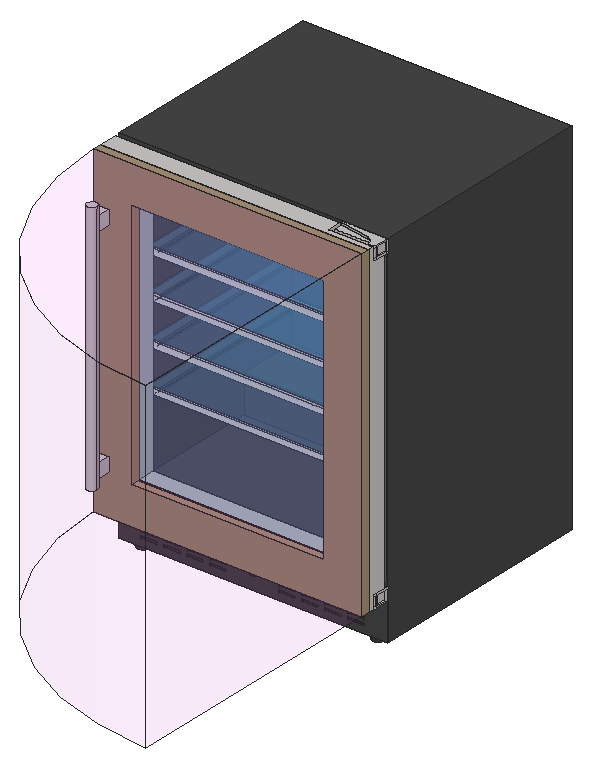
Revit family "QF_Summit_AL57GPNR_ADA_Compliant_Commercial_Beverage_Center", category Specialty Equipment, Revit 2020
Family settings
  Round Connector Dimension = Use Diameter
  Part Type = Normal
  Work Plane-Based = No
  Always vertical = Yes
  Cut with Voids When Loaded = No
  Shared = No
  Room Calculation Point = No
Parameters
  Weight in Pounds = 95
  Watts = if(Phase = 3, Volts * FL Amps * 1.73, Volts * FL Amps)  # 115 W
  Volts = 115 V
  Ventilation Remarks = ""
  URL Cutsheet = ""
  Specification by User = ""
  Specification by Manufacturer = ""
  Show LHD [instance] = no
  Show RHD [instance] = not(Show LHD)  # yes
  Serial Number = ""
  Seismic Rating = ""
  SMACNA No = ""
  Revision Code = ""
  Refrigerant Volume = 0.00 kip
  Refrigerant Type = "R600a"
  Phase = 1
  Number of Poles = 1
  NAFEM Spec ID Number = ""
  Model = "AL57GPNR"
  Min Ckt Ampacity = 0 A
  Max Overcurrent Protection = 0 A
  Masterspec = ""
  Manufacturer = "Summit"
  Length = 23 3/8"
  Item Number = ""
  Installed By = ""
  Identify Quantity as Lot = yes
  Height = 32"
  HP = ""
  Furnished By = ""
  Foodservice Equipment Identifier = yes
  FL Amps = 1 A
  Electrical Remarks = ""
  Electric Connection Type = ""
  Elec Conn RI Height = 0"
  Elec Conn Connection Height = 0"
  Description = "ADA Compliant Commercial Beverage Center"
  Depth = 22 3/4"
  Default Elevation = 0"
  Cycle = 60 Hz
  Conn Plug = ""
  Conn Conduit = yes
  CSI MasterFormat = ""
  Base Height [instance] = 1/2"
  BTUH = 0.0 Btu/h
  Apparent Power = if(Phase = 3, Volts * FL Amps * 1.73, Volts * FL Amps)  # 115 VA
Reference planes (in)
  plane 1 "BACK": y = 0
  plane 2: z = 0
  plane 3 "LEFT": x = 0
  plane 4 "RIGHT": x = 23.375
  plane 5 "FRONT": y = -22.75
  plane 6 "TOP": z = 32
  plane 7 "Center Y": x = 11.6875
  plane 8 "Center X": y = -11.375
  plane 9 "Base Height": z = 0.5
  plane 10: y = -46
  plane 11: y = -20
  plane 12: z = 3.75
  plane 13: y = -24.06125
  plane 14: y = -24.06125
  plane 15: y = -22
Forms (in)
  Extrusion 1, solid, material "QF_Metal_Black"
    sketch origin (0, 0, 0.5) x (-1, 0, 0) y (0, -1, 0)
      loop
        line (0, 0) -> (0, 20) -> (-23.375, 20) -> (-23.375, 0) -> (0, 0)
    from 0 to 31.5
  Extrusion 2, solid, material "QF_Metal_Stainless_Polished", visible <- "Show RHD"
    sketch origin (23.375, -20.375, 0.5) x (-1, 0, 0) y (0, 0, -1)
      loop
        line (23.3125, -31.5) -> (23.3125, -3.25) -> (0.0625, -3.25) -> (0.0625, -31.5) -> (23.3125, -31.5)
      loop
        line (20.0625, -28.25) -> (20.0625, -6.5) -> (3.3125, -6.5) -> (3.3125, -28.25) -> (20.0625, -28.25)
    from 0 to 1.625
  Extrusion 3, solid, material "QF_Metal_Black"
    sketch origin (23.375, -20, 0.5) x (-1, 0, 0) y (0, 0, -1)
      loop
        line (23.375, -3.25) -> (23.375, 0) -> (0, 0) -> (0, -3.25) -> (23.375, -3.25)
      loop
        arc (2.0625, -0.625) -> (1.9375, -0.75) -> (2.0625, -0.875) r 0.125
        line (2.0625, -0.875) -> (3.3125, -0.875)
        arc (3.3125, -0.875) -> (3.4375, -0.75) -> (3.3125, -0.625) r 0.125
        line (3.3125, -0.625) -> (2.0625, -0.625)
      loop
        arc (2.0625, -1.125) -> (1.9375, -1.25) -> (2.0625, -1.375) r 0.125
        line (2.0625, -1.375) -> (3.3125, -1.375)
        arc (3.3125, -1.375) -> (3.4375, -1.25) -> (3.3125, -1.125) r 0.125
        line (3.3125, -1.125) -> (2.0625, -1.125)
      loop
        arc (2.0625, -1.625) -> (1.9375, -1.75) -> (2.0625, -1.875) r 0.125
        line (2.0625, -1.875) -> (3.3125, -1.875)
        arc (3.3125, -1.875) -> (3.4375, -1.75) -> (3.3125, -1.625) r 0.125
        line (3.3125, -1.625) -> (2.0625, -1.625)
      loop
        arc (2.0625, -2.125) -> (1.9375, -2.25) -> (2.0625, -2.375) r 0.125
        line (2.0625, -2.375) -> (3.3125, -2.375)
        arc (3.3125, -2.375) -> (3.4375, -2.25) -> (3.3125, -2.125) r 0.125
        line (3.3125, -2.125) -> (2.0625, -2.125)
      loop
        arc (2.0625, -2.625) -> (1.9375, -2.75) -> (2.0625, -2.875) r 0.125
        line (2.0625, -2.875) -> (3.3125, -2.875)
        arc (3.3125, -2.875) -> (3.4375, -2.75) -> (3.3125, -2.625) r 0.125
        line (3.3125, -2.625) -> (2.0625, -2.625)
      loop
        arc (4.0625, -0.625) -> (3.9375, -0.75) -> (4.0625, -0.875) r 0.125
        line (4.0625, -0.875) -> (5.3125, -0.875)
        arc (5.3125, -0.875) -> (5.4375, -0.75) -> (5.3125, -0.625) r 0.125
        line (5.3125, -0.625) -> (4.0625, -0.625)
      loop
        arc (4.0625, -1.125) -> (3.9375, -1.25) -> (4.0625, -1.375) r 0.125
        line (4.0625, -1.375) -> (5.3125, -1.375)
        arc (5.3125, -1.375) -> (5.4375, -1.25) -> (5.3125, -1.125) r 0.125
        line (5.3125, -1.125) -> (4.0625, -1.125)
      loop
        arc (4.0625, -1.625) -> (3.9375, -1.75) -> (4.0625, -1.875) r 0.125
        line (4.0625, -1.875) -> (5.3125, -1.875)
        arc (5.3125, -1.875) -> (5.4375, -1.75) -> (5.3125, -1.625) r 0.125
        line (5.3125, -1.625) -> (4.0625, -1.625)
      loop
        arc (4.0625, -2.125) -> (3.9375, -2.25) -> (4.0625, -2.375) r 0.125
        line (4.0625, -2.375) -> (5.3125, -2.375)
        arc (5.3125, -2.375) -> (5.4375, -2.25) -> (5.3125, -2.125) r 0.125
        line (5.3125, -2.125) -> (4.0625, -2.125)
      loop
        arc (4.0625, -2.625) -> (3.9375, -2.75) -> (4.0625, -2.875) r 0.125
        line (4.0625, -2.875) -> (5.3125, -2.875)
        arc (5.3125, -2.875) -> (5.4375, -2.75) -> (5.3125, -2.625) r 0.125
        line (5.3125, -2.625) -> (4.0625, -2.625)
      loop
        arc (6.0625, -0.625) -> (5.9375, -0.75) -> (6.0625, -0.875) r 0.125
        line (6.0625, -0.875) -> (7.3125, -0.875)
        arc (7.3125, -0.875) -> (7.4375, -0.75) -> (7.3125, -0.625) r 0.125
        line (7.3125, -0.625) -> (6.0625, -0.625)
      loop
        arc (6.0625, -1.125) -> (5.9375, -1.25) -> (6.0625, -1.375) r 0.125
        line (6.0625, -1.375) -> (7.3125, -1.375)
        arc (7.3125, -1.375) -> (7.4375, -1.25) -> (7.3125, -1.125) r 0.125
        line (7.3125, -1.125) -> (6.0625, -1.125)
      loop
        arc (6.0625, -1.625) -> (5.9375, -1.75) -> (6.0625, -1.875) r 0.125
        line (6.0625, -1.875) -> (7.3125, -1.875)
        arc (7.3125, -1.875) -> (7.4375, -1.75) -> (7.3125, -1.625) r 0.125
        line (7.3125, -1.625) -> (6.0625, -1.625)
      loop
        arc (6.0625, -2.125) -> (5.9375, -2.25) -> (6.0625, -2.375) r 0.125
        line (6.0625, -2.375) -> (7.3125, -2.375)
        arc (7.3125, -2.375) -> (7.4375, -2.25) -> (7.3125, -2.125) r 0.125
        line (7.3125, -2.125) -> (6.0625, -2.125)
      loop
        arc (6.0625, -2.625) -> (5.9375, -2.75) -> (6.0625, -2.875) r 0.125
        line (6.0625, -2.875) -> (7.3125, -2.875)
        arc (7.3125, -2.875) -> (7.4375, -2.75) -> (7.3125, -2.625) r 0.125
        line (7.3125, -2.625) -> (6.0625, -2.625)
      loop
        arc (8.0625, -0.625) -> (7.9375, -0.75) -> (8.0625, -0.875) r 0.125
        line (8.0625, -0.875) -> (9.3125, -0.875)
        arc (9.3125, -0.875) -> (9.4375, -0.75) -> (9.3125, -0.625) r 0.125
        line (9.3125, -0.625) -> (8.0625, -0.625)
      loop
        arc (8.0625, -1.125) -> (7.9375, -1.25) -> (8.0625, -1.375) r 0.125
        line (8.0625, -1.375) -> (9.3125, -1.375)
        arc (9.3125, -1.375) -> (9.4375, -1.25) -> (9.3125, -1.125) r 0.125
        line (9.3125, -1.125) -> (8.0625, -1.125)
      loop
        arc (8.0625, -1.625) -> (7.9375, -1.75) -> (8.0625, -1.875) r 0.125
        line (8.0625, -1.875) -> (9.3125, -1.875)
        arc (9.3125, -1.875) -> (9.4375, -1.75) -> (9.3125, -1.625) r 0.125
        line (9.3125, -1.625) -> (8.0625, -1.625)
      loop
        arc (8.0625, -2.125) -> (7.9375, -2.25) -> (8.0625, -2.375) r 0.125
        line (8.0625, -2.375) -> (9.3125, -2.375)
        arc (9.3125, -2.375) -> (9.4375, -2.25) -> (9.3125, -2.125) r 0.125
        line (9.3125, -2.125) -> (8.0625, -2.125)
      loop
        arc (8.0625, -2.625) -> (7.9375, -2.75) -> (8.0625, -2.875) r 0.125
        line (8.0625, -2.875) -> (9.3125, -2.875)
        arc (9.3125, -2.875) -> (9.4375, -2.75) -> (9.3125, -2.625) r 0.125
        line (9.3125, -2.625) -> (8.0625, -2.625)
      loop
        arc (14.0625, -0.625) -> (13.9375, -0.75) -> (14.0625, -0.875) r 0.125
        line (14.0625, -0.875) -> (15.3125, -0.875)
        arc (15.3125, -0.875) -> (15.4375, -0.75) -> (15.3125, -0.625) r 0.125
        line (15.3125, -0.625) -> (14.0625, -0.625)
      loop
        arc (14.0625, -1.125) -> (13.9375, -1.25) -> (14.0625, -1.375) r 0.125
        line (14.0625, -1.375) -> (15.3125, -1.375)
        arc (15.3125, -1.375) -> (15.4375, -1.25) -> (15.3125, -1.125) r 0.125
        line (15.3125, -1.125) -> (14.0625, -1.125)
      loop
        arc (14.0625, -1.625) -> (13.9375, -1.75) -> (14.0625, -1.875) r 0.125
        line (14.0625, -1.875) -> (15.3125, -1.875)
        arc (15.3125, -1.875) -> (15.4375, -1.75) -> (15.3125, -1.625) r 0.125
        line (15.3125, -1.625) -> (14.0625, -1.625)
      loop
        arc (14.0625, -2.125) -> (13.9375, -2.25) -> (14.0625, -2.375) r 0.125
        line (14.0625, -2.375) -> (15.3125, -2.375)
        arc (15.3125, -2.375) -> (15.4375, -2.25) -> (15.3125, -2.125) r 0.125
        line (15.3125, -2.125) -> (14.0625, -2.125)
      loop
        arc (14.0625, -2.625) -> (13.9375, -2.75) -> (14.0625, -2.875) r 0.125
        line (14.0625, -2.875) -> (15.3125, -2.875)
        arc (15.3125, -2.875) -> (15.4375, -2.75) -> (15.3125, -2.625) r 0.125
        line (15.3125, -2.625) -> (14.0625, -2.625)
      loop
        arc (16.0625, -0.625) -> (15.9375, -0.75) -> (16.0625, -0.875) r 0.125
        line (16.0625, -0.875) -> (17.3125, -0.875)
        arc (17.3125, -0.875) -> (17.4375, -0.75) -> (17.3125, -0.625) r 0.125
        line (17.3125, -0.625) -> (16.0625, -0.625)
      loop
        arc (16.0625, -1.125) -> (15.9375, -1.25) -> (16.0625, -1.375) r 0.125
        line (16.0625, -1.375) -> (17.3125, -1.375)
        arc (17.3125, -1.375) -> (17.4375, -1.25) -> (17.3125, -1.125) r 0.125
        line (17.3125, -1.125) -> (16.0625, -1.125)
      loop
        arc (16.0625, -1.625) -> (15.9375, -1.75) -> (16.0625, -1.875) r 0.125
        line (16.0625, -1.875) -> (17.3125, -1.875)
        arc (17.3125, -1.875) -> (17.4375, -1.75) -> (17.3125, -1.625) r 0.125
        line (17.3125, -1.625) -> (16.0625, -1.625)
      loop
        arc (16.0625, -2.125) -> (15.9375, -2.25) -> (16.0625, -2.375) r 0.125
        line (16.0625, -2.375) -> (17.3125, -2.375)
        arc (17.3125, -2.375) -> (17.4375, -2.25) -> (17.3125, -2.125) r 0.125
        line (17.3125, -2.125) -> (16.0625, -2.125)
      loop
        arc (16.0625, -2.625) -> (15.9375, -2.75) -> (16.0625, -2.875) r 0.125
        line (16.0625, -2.875) -> (17.3125, -2.875)
        arc (17.3125, -2.875) -> (17.4375, -2.75) -> (17.3125, -2.625) r 0.125
        line (17.3125, -2.625) -> (16.0625, -2.625)
      loop
        arc (18.0625, -0.625) -> (17.9375, -0.75) -> (18.0625, -0.875) r 0.125
        line (18.0625, -0.875) -> (19.3125, -0.875)
        arc (19.3125, -0.875) -> (19.4375, -0.75) -> (19.3125, -0.625) r 0.125
        line (19.3125, -0.625) -> (18.0625, -0.625)
      loop
        arc (18.0625, -1.125) -> (17.9375, -1.25) -> (18.0625, -1.375) r 0.125
        line (18.0625, -1.375) -> (19.3125, -1.375)
        arc (19.3125, -1.375) -> (19.4375, -1.25) -> (19.3125, -1.125) r 0.125
        line (19.3125, -1.125) -> (18.0625, -1.125)
      loop
        arc (18.0625, -1.625) -> (17.9375, -1.75) -> (18.0625, -1.875) r 0.125
        line (18.0625, -1.875) -> (19.3125, -1.875)
        arc (19.3125, -1.875) -> (19.4375, -1.75) -> (19.3125, -1.625) r 0.125
        line (19.3125, -1.625) -> (18.0625, -1.625)
      loop
        arc (18.0625, -2.125) -> (17.9375, -2.25) -> (18.0625, -2.375) r 0.125
        line (18.0625, -2.375) -> (19.3125, -2.375)
        arc (19.3125, -2.375) -> (19.4375, -2.25) -> (19.3125, -2.125) r 0.125
        line (19.3125, -2.125) -> (18.0625, -2.125)
      loop
        arc (18.0625, -2.625) -> (17.9375, -2.75) -> (18.0625, -2.875) r 0.125
        line (18.0625, -2.875) -> (19.3125, -2.875)
        arc (19.3125, -2.875) -> (19.4375, -2.75) -> (19.3125, -2.625) r 0.125
        line (19.3125, -2.625) -> (18.0625, -2.625)
      loop
        arc (20.0625, -0.625) -> (19.9375, -0.75) -> (20.0625, -0.875) r 0.125
        line (20.0625, -0.875) -> (21.3125, -0.875)
        arc (21.3125, -0.875) -> (21.4375, -0.75) -> (21.3125, -0.625) r 0.125
        line (21.3125, -0.625) -> (20.0625, -0.625)
      loop
        arc (20.0625, -1.125) -> (19.9375, -1.25) -> (20.0625, -1.375) r 0.125
        line (20.0625, -1.375) -> (21.3125, -1.375)
        arc (21.3125, -1.375) -> (21.4375, -1.25) -> (21.3125, -1.125) r 0.125
        line (21.3125, -1.125) -> (20.0625, -1.125)
      loop
        arc (20.0625, -1.625) -> (19.9375, -1.75) -> (20.0625, -1.875) r 0.125
        line (20.0625, -1.875) -> (21.3125, -1.875)
        arc (21.3125, -1.875) -> (21.4375, -1.75) -> (21.3125, -1.625) r 0.125
        line (21.3125, -1.625) -> (20.0625, -1.625)
      loop
        arc (20.0625, -2.125) -> (19.9375, -2.25) -> (20.0625, -2.375) r 0.125
        line (20.0625, -2.375) -> (21.3125, -2.375)
        arc (21.3125, -2.375) -> (21.4375, -2.25) -> (21.3125, -2.125) r 0.125
        line (21.3125, -2.125) -> (20.0625, -2.125)
      loop
        arc (20.0625, -2.625) -> (19.9375, -2.75) -> (20.0625, -2.875) r 0.125
        line (20.0625, -2.875) -> (21.3125, -2.875)
        arc (21.3125, -2.875) -> (21.4375, -2.75) -> (21.3125, -2.625) r 0.125
        line (21.3125, -2.625) -> (20.0625, -2.625)
      loop
        circle (11.6875, -1.625) r 0.5625
    from -0.0625 to 0
  Extrusion 4, solid, material "QF_Rubber - Black - Smooth"
    sketch origin (23.375, -20, 0.5) x (-1, 0, 0) y (0, 0, -1)
      loop
        line (23.25, -30) -> (23.25, -4.75) -> (0.125, -4.75) -> (0.125, -30) -> (23.25, -30)
      loop
        line (21.8125, -29.625) -> (21.8125, -5) -> (1.5625, -5) -> (1.5625, -29.625) -> (21.8125, -29.625)
    from 0 to 0.375
  Extrusion 5, solid, material "QF_Metal - Stainless - Polished", visible <- "Show RHD"
    sketch origin (0, 0, 32) x (-1, 0, 0) y (0, -1, 0)
      loop
        line (-19.5, 20) -> (-19.5, 20.09747)
        arc (-19.5, 20.09747) -> (-19.53723, 20.1984) -> (-19.63109, 20.25097) r 0.1554
        line (-19.63109, 20.25097) -> (-22.1852, 20.6555)
        arc (-22.1852, 20.6555) -> (-22.55868, 20.82374) -> (-22.7951, 21.15826) r 0.77867
        line (-22.7951, 21.15826) -> (-22.8529, 21.31706)
        arc (-22.8529, 21.31706) -> (-23.15257, 21.49008) -> (-23.375, 21.225) r 0.26917
        line (-23.375, 21.225) -> (-23.375, 20) -> (-19.5, 20)
    from 0 to -0.125
  Extrusion 6, solid, material "QF_Rubber - Black - Smooth"
    sketch origin (0, 0, 0.5) x (1, 0, 0) y (0, 0, -1)
      loop
        circle (20.5, -1.80244) r 0.25
    from 0 to 0.0625
  Revolve 7, solid, material "QF_Metal_Black"
    sketch origin (0.26439, -1.4375, 0) x (1, 0, 0) y (0, 0, 1)
      loop
        line (21.67311, 0.5) -> (21.48561, 0.5) -> (21.48561, 0.375) -> (21.08978, 0.375) -> (21.08978, 0.3125) -> (21.17311, 0) -> (21.67311, 0) -> (21.67311, 0.5)
      axis (21.67311, 0) -> (21.67311, 0.5)
    angle from 0 to 360
  Revolve 8, solid, material "QF_Metal_Black"
    sketch origin (0, -19.1875, 0) x (1, 0, 0) y (0, 0, 1)
      loop
        line (21.9375, 0.5) -> (21.75, 0.5) -> (21.75, 0.375) -> (21.35417, 0.375) -> (21.35417, 0.3125) -> (21.4375, 0) -> (21.9375, 0) -> (21.9375, 0.5)
      axis (21.9375, 0) -> (21.9375, 0.5)
    angle from 0 to 360
  Revolve 9, solid, material "QF_Metal_Black"
    sketch origin (-20.23561, -1.4375, 0) x (1, 0, 0) y (0, 0, 1)
      loop
        line (21.67311, 0.5) -> (21.48561, 0.5) -> (21.48561, 0.375) -> (21.08978, 0.375) -> (21.08978, 0.3125) -> (21.17311, 0) -> (21.67311, 0) -> (21.67311, 0.5)
      axis (21.67311, 0) -> (21.67311, 0.5)
    angle from 0 to 360
  Revolve 10, solid, material "QF_Metal_Black"
    sketch origin (-20.5, -19.1875, 0) x (1, 0, 0) y (0, 0, 1)
      loop
        line (21.9375, 0.5) -> (21.75, 0.5) -> (21.75, 0.375) -> (21.35417, 0.375) -> (21.35417, 0.3125) -> (21.4375, 0) -> (21.9375, 0) -> (21.9375, 0.5)
      axis (21.9375, 0) -> (21.9375, 0.5)
    angle from 0 to 360
  Extrusion 11, void
    sketch origin (0.0625, -20.375, 32) x (1, 0, 0) y (0, 1, 0)
      loop
        line (19.4375, 0.13878) -> (19.4375, -1.125) -> (23.36941, -1.125) -> (23.36941, 0.13878) -> (19.4375, 0.13878)
    from -1.10777 to 1
  Extrusion 12, void
    sketch origin (23.3125, -20.375, 3.75) x (0, 1, 0) y (1, 0, 0)
      loop
        line (-1.125, -3.8125) -> (0.13878, -3.8125) -> (0.13878, 0.3125) -> (-1.125, 0.3125) -> (-1.125, -3.8125)
    from -1.10777 to 0.18851
  Extrusion 13, solid, material "QF_Metal - Stainless - Polished", visible <- "Show RHD"
    sketch origin (0, 0, 31.875) x (0, -1, 0) y (-1, 0, 0)
      loop
        circle (21.20502, -23.10965) r 0.18618
    from 0 to 0.85777
  Extrusion 14, solid, material "QF_Metal - Stainless - Polished", visible <- "Show RHD"
    sketch origin (19.5, -20, 32) x (1, 0, 0) y (0, 0, -1)
      loop
        line (3.875, 0.98277) -> (0, 0.98277) -> (0, 0.125) -> (3.875, 0.125) -> (3.875, 0.98277)
    from 0 to -0.125
  Extrusion 15, solid, material "QF_Metal - Stainless - Polished", visible <- "Show RHD"
    sketch origin (0, 0, 31.875) x (0, -1, 0) y (-1, 0, 0)
      loop
        line (20.125, -23.25) -> (20.9457, -23.25) -> (20.9457, -19.5) -> (20.125, -19.5) -> (20.125, -23.25)
    from 0.05078 to 0.80891
  Extrusion 16, solid, material "QF_Metal - Stainless - Polished", visible <- "Show RHD"
    sketch origin (0, 0, 3.875) x (-1, 0, 0) y (0, -1, 0)
      loop
        circle (-23.10965, 21.20502) r 0.18618
    from 0 to 0.85777
  Extrusion 17, solid, material "QF_Metal - Stainless - Polished", visible <- "Show RHD"
    sketch origin (0, 0, 3.875) x (-1, 0, 0) y (0, -1, 0)
      loop
        line (-23.25, 20.125) -> (-19.5, 20.125) -> (-19.5, 20.9457) -> (-23.25, 20.9457) -> (-23.25, 20.125)
    from 0.05078 to 0.80891
  Extrusion 18, solid, material "QF_Metal - Stainless - Polished", visible <- "Show RHD"
    sketch origin (21.9375, -20.125, 3.75) x (1, 0, 0) y (0, 0, -1)
      loop
        line (1.4375, -0.98277) -> (1.4375, -0.125) -> (-2.4375, -0.125) -> (-2.4375, -0.98277) -> (1.4375, -0.98277)
    from 0 to -0.125
  Extrusion 19, solid, material "QF_Clearances_Door_Drawer", visible <- "Show RHD"
    sketch origin (0.0625, -20.375, 3.75) x (0, -1, 0) y (-1, 0, 0)
      loop
        arc (25.76087, -23.25) -> (18.85883, -6.80986) -> (2.375, -0.0128) r 23.38635
        line (2.375, -0.0128) -> (2.375, -23.25) -> (25.76087, -23.25)
    from 0 to -28.25
  Extrusion 20, solid, material "QF_Wood_Hard_Rock_Maple_Satin"
    sketch origin (23.375, -22, 0.5) x (-1, 0, 0) y (0, 0, -1)
      loop
        line (0.0625, -31.5) -> (23.3125, -31.5) -> (23.3125, -3.25) -> (0.0625, -3.25) -> (0.0625, -31.5)
      loop
        line (3.3125, -28.25) -> (20.0625, -28.25) -> (20.0625, -6.5) -> (3.3125, -6.5) -> (3.3125, -28.25)
    from 0 to 0.75
  Extrusion 21, solid, material "QF_Metal - Stainless - Polished", visible <- "Show RHD"
    sketch origin (0, 0, 32) x (-1, 0, 0) y (0, -1, 0)
      loop
        arc (-22.1852, 20.6555) -> (-22.55868, 20.82374) -> (-22.7951, 21.15826) r 0.77867
        line (-22.7951, 21.15826) -> (-22.8529, 21.31706)
        arc (-22.8529, 21.31706) -> (-23.15257, 21.49008) -> (-23.375, 21.225) r 0.26917
        line (-23.375, 21.225) -> (-23.375, 20) -> (-19.5, 20) -> (-19.5, 20.09747)
        arc (-19.5, 20.09747) -> (-19.53723, 20.1984) -> (-19.63109, 20.25097) r 0.1554
        line (-19.63109, 20.25097) -> (-22.1852, 20.6555)
    from -0.98277 to -1.10777
  Extrusion 22, solid, material "QF_Metal - Stainless - Polished", visible <- "Show RHD"
    sketch origin (0, 0, 32) x (-1, 0, 0) y (0, -1, 0)
      loop
        arc (-22.1852, 20.6555) -> (-22.55868, 20.82374) -> (-22.7951, 21.15826) r 0.77867
        line (-22.7951, 21.15826) -> (-22.8529, 21.31706)
        arc (-22.8529, 21.31706) -> (-23.15257, 21.49008) -> (-23.375, 21.225) r 0.26917
        line (-23.375, 21.225) -> (-23.375, 20) -> (-19.5, 20) -> (-19.5, 20.09747)
        arc (-19.5, 20.09747) -> (-19.53723, 20.1984) -> (-19.63109, 20.25097) r 0.1554
        line (-19.63109, 20.25097) -> (-22.1852, 20.6555)
    from -27.26723 to -27.14223
  Extrusion 23, solid, material "QF_Metal - Stainless - Polished", visible <- "Show RHD"
    sketch origin (0, 0, 4.85777) x (-1, 0, 0) y (0, -1, 0)
      loop
        line (-19.63109, 20.25097) -> (-22.1852, 20.6555)
        arc (-22.1852, 20.6555) -> (-22.55868, 20.82374) -> (-22.7951, 21.15826) r 0.77867
        line (-22.7951, 21.15826) -> (-22.8529, 21.31706)
        arc (-22.8529, 21.31706) -> (-23.15257, 21.49008) -> (-23.375, 21.225) r 0.26917
        line (-23.375, 21.225) -> (-23.375, 20) -> (-19.5, 20) -> (-19.5, 20.09747)
        arc (-19.5, 20.09747) -> (-19.53723, 20.1984) -> (-19.63109, 20.25097) r 0.1554
    from -1.10777 to -0.98277
  Extrusion 24, void
    sketch origin (23.375, -20, 0.5) x (-1, 0, 0) y (0, 0, -1)
      loop
        line (0, 0) -> (0, -3.25) -> (23.375, -3.25) -> (23.375, 0) -> (0, 0)
    from -0.0625 to 0.5
  Extrusion 25, void
    sketch origin (23.375, 0, 0.5) x (0, 1, 0) y (0, 0, -1)
      loop
        line (-24, -29.5) -> (-3.25, -29.5) -> (-3.25, -8.375) -> (-8.5, -8.375) -> (-8.5, -5.125) -> (-24, -5.125) -> (-24, -29.5)
    from 1.6875 to 21.6875
  Extrusion 26, solid, material "Glass"
    sketch origin (23.375, -20.375, 0.5) x (1, 0, 0) y (0, 0, -1)
      loop
        line (-20.0625, -28.25) -> (-3.3125, -28.25) -> (-3.3125, -6.5) -> (-20.0625, -6.5) -> (-20.0625, -28.25)
    from 0 to -1.625
  Extrusion 27, solid, material "QF_Metal_Black"
    sketch origin (23.375, -20, 0.5) x (-1, 0, 0) y (0, 0, -1)
      loop
        line (15.1875, -29.5) -> (14.68731, -28.375) -> (8.6875, -28.375) -> (8.1875, -29.5) -> (15.1875, -29.5)
    from 0 to -2
  Sweep 28, solid, material "QF_Metal_Black"
    path origin (0, -3.25, 0) x (1, 0, 0) y (0, 0, 1)
      loop
        circle (11.6875, 26.18928) r 2.25
    profile origin (11.6875, -3.25, 28.43928) x (0, 0, -1) y (0, -1, 0)
      loop
        circle (0.03373, 0.03373) r 0.03373
      loop
        circle (0.08829, 0.20529) r 0.03352
      loop
        circle (0.20041, 0.35733) r 0.03352
      loop
        circle (0.33417, 0.4723) r 0.03352
      loop
        circle (0.50977, 0.4723) r 0.03352
      loop
        circle (0.68537, 0.4723) r 0.03352
      loop
        circle (0.86097, 0.4723) r 0.03352
      loop
        circle (1.03657, 0.4723) r 0.03352
      loop
        circle (1.21216, 0.4723) r 0.03352
      loop
        circle (1.38776, 0.4723) r 0.03352
      loop
        circle (1.56336, 0.4723) r 0.03352
  Extrusion 29, solid, material "QF_Metal_Black"
    sketch origin (23.375, -3.25, 29.125) x (0, 0, -1) y (1, 0, 0)
      loop
        circle (2.93572, -11.6875) r 0.48965
    from 0.43532 to 0.5066
  Extrusion 30, solid, material "QF_Metal_Black"
    sketch origin (23.375, -19.9375, 0.5) x (-1, 0, 0) y (0, 0, -1)
      loop
        circle (11.6875, -1.625) r 0.5
      loop
        line (11.70345, -1.81198) -> (11.70345, -1.43802) -> (11.67155, -1.43802) -> (11.67155, -1.81198) -> (11.70345, -1.81198)
    from 0 to 0.0625
  Extrusion 31, solid, material "QF_Metal_Black"
    sketch origin (23.375, -3.25, 29.125) x (0, 0, -1) y (1, 0, 0)
      loop
        line (2.3125, -21.6875) -> (3.53844, -21.6875)
        arc (3.53844, -21.6875) -> (3.49061, -21.67798) -> (3.45006, -21.65089) r 0.125
        line (3.45006, -21.65089) -> (2.64828, -20.84911)
        arc (2.64828, -20.84911) -> (2.60773, -20.82202) -> (2.55989, -20.8125) r 0.125
        line (2.55989, -20.8125) -> (2.4375, -20.8125)
        arc (2.4375, -20.8125) -> (2.39331, -20.83081) -> (2.375, -20.875) r 0.0625
        line (2.375, -20.875) -> (2.375, -21.625)
        arc (2.375, -21.625) -> (2.35669, -21.66919) -> (2.3125, -21.6875) r 0.0625
      loop
        line (5.6875, -21.6875) -> (6.91344, -21.6875)
        arc (6.91344, -21.6875) -> (6.86561, -21.67798) -> (6.82506, -21.65089) r 0.125
        line (6.82506, -21.65089) -> (6.02328, -20.84911)
        arc (6.02328, -20.84911) -> (5.98273, -20.82202) -> (5.93489, -20.8125) r 0.125
        line (5.93489, -20.8125) -> (5.8125, -20.8125)
        arc (5.8125, -20.8125) -> (5.76831, -20.83081) -> (5.75, -20.875) r 0.0625
        line (5.75, -20.875) -> (5.75, -21.625)
        arc (5.75, -21.625) -> (5.73169, -21.66919) -> (5.6875, -21.6875) r 0.0625
      loop
        line (9.3125, -21.6875) -> (10.53844, -21.6875)
        arc (10.53844, -21.6875) -> (10.49061, -21.67798) -> (10.45006, -21.65089) r 0.125
        line (10.45006, -21.65089) -> (9.64828, -20.84911)
        arc (9.64828, -20.84911) -> (9.60773, -20.82202) -> (9.55989, -20.8125) r 0.125
        line (9.55989, -20.8125) -> (9.4375, -20.8125)
        arc (9.4375, -20.8125) -> (9.39331, -20.83081) -> (9.375, -20.875) r 0.0625
        line (9.375, -20.875) -> (9.375, -21.625)
        arc (9.375, -21.625) -> (9.35669, -21.66919) -> (9.3125, -21.6875) r 0.0625
      loop
        line (12.93744, -21.6875) -> (14.16339, -21.6875)
        arc (14.16339, -21.6875) -> (14.11555, -21.67798) -> (14.075, -21.65089) r 0.125
        line (14.075, -21.65089) -> (13.27322, -20.84911)
        arc (13.27322, -20.84911) -> (13.23267, -20.82202) -> (13.18483, -20.8125) r 0.125
        line (13.18483, -20.8125) -> (13.06244, -20.8125)
        arc (13.06244, -20.8125) -> (13.01825, -20.83081) -> (12.99994, -20.875) r 0.0625
        line (12.99994, -20.875) -> (12.99994, -21.625)
        arc (12.99994, -21.625) -> (12.98164, -21.66919) -> (12.93744, -21.6875) r 0.0625
      loop
        line (16.5625, -21.6875) -> (17.78844, -21.6875)
        arc (17.78844, -21.6875) -> (17.74061, -21.67798) -> (17.70006, -21.65089) r 0.125
        line (17.70006, -21.65089) -> (16.89828, -20.84911)
        arc (16.89828, -20.84911) -> (16.85773, -20.82202) -> (16.80989, -20.8125) r 0.125
        line (16.80989, -20.8125) -> (16.6875, -20.8125)
        arc (16.6875, -20.8125) -> (16.64331, -20.83081) -> (16.625, -20.875) r 0.0625
        line (16.625, -20.875) -> (16.625, -21.625)
        arc (16.625, -21.625) -> (16.60669, -21.66919) -> (16.5625, -21.6875) r 0.0625
      loop
        arc (2.3125, -1.6875) -> (2.35669, -1.70581) -> (2.375, -1.75) r 0.0625
        line (2.375, -1.75) -> (2.375, -2.5)
        arc (2.375, -2.5) -> (2.39331, -2.54419) -> (2.4375, -2.5625) r 0.0625
        line (2.4375, -2.5625) -> (2.55989, -2.5625)
        arc (2.55989, -2.5625) -> (2.60773, -2.55298) -> (2.64828, -2.52589) r 0.125
        line (2.64828, -2.52589) -> (3.45006, -1.72411)
        arc (3.45006, -1.72411) -> (3.49061, -1.69702) -> (3.53844, -1.6875) r 0.125
        line (3.53844, -1.6875) -> (2.3125, -1.6875)
      loop
        arc (5.6875, -1.6875) -> (5.73169, -1.70581) -> (5.75, -1.75) r 0.0625
        line (5.75, -1.75) -> (5.75, -2.5)
        arc (5.75, -2.5) -> (5.76831, -2.54419) -> (5.8125, -2.5625) r 0.0625
        line (5.8125, -2.5625) -> (5.93489, -2.5625)
        arc (5.93489, -2.5625) -> (5.98273, -2.55298) -> (6.02328, -2.52589) r 0.125
        line (6.02328, -2.52589) -> (6.82506, -1.72411)
        arc (6.82506, -1.72411) -> (6.86561, -1.69702) -> (6.91344, -1.6875) r 0.125
        line (6.91344, -1.6875) -> (5.6875, -1.6875)
      loop
        arc (9.3125, -1.6875) -> (9.35669, -1.70581) -> (9.375, -1.75) r 0.0625
        line (9.375, -1.75) -> (9.375, -2.5)
        arc (9.375, -2.5) -> (9.39331, -2.54419) -> (9.4375, -2.5625) r 0.0625
        line (9.4375, -2.5625) -> (9.55989, -2.5625)
        arc (9.55989, -2.5625) -> (9.60773, -2.55298) -> (9.64828, -2.52589) r 0.125
        line (9.64828, -2.52589) -> (10.45006, -1.72411)
        arc (10.45006, -1.72411) -> (10.49061, -1.69702) -> (10.53844, -1.6875) r 0.125
        line (10.53844, -1.6875) -> (9.3125, -1.6875)
      loop
        arc (12.93744, -1.6875) -> (12.98164, -1.70581) -> (12.99994, -1.75) r 0.0625
        line (12.99994, -1.75) -> (12.99994, -2.5)
        arc (12.99994, -2.5) -> (13.01825, -2.54419) -> (13.06244, -2.5625) r 0.0625
        line (13.06244, -2.5625) -> (13.18483, -2.5625)
        arc (13.18483, -2.5625) -> (13.23267, -2.55298) -> (13.27322, -2.52589) r 0.125
        line (13.27322, -2.52589) -> (14.075, -1.72411)
        arc (14.075, -1.72411) -> (14.11555, -1.69702) -> (14.16339, -1.6875) r 0.125
        line (14.16339, -1.6875) -> (12.93744, -1.6875)
      loop
        arc (16.5625, -1.6875) -> (16.60669, -1.70581) -> (16.625, -1.75) r 0.0625
        line (16.625, -1.75) -> (16.625, -2.5)
        arc (16.625, -2.5) -> (16.64331, -2.54419) -> (16.6875, -2.5625) r 0.0625
        line (16.6875, -2.5625) -> (16.80989, -2.5625)
        arc (16.80989, -2.5625) -> (16.85773, -2.55298) -> (16.89828, -2.52589) r 0.125
        line (16.89828, -2.52589) -> (17.70006, -1.72411)
        arc (17.70006, -1.72411) -> (17.74061, -1.69702) -> (17.78844, -1.6875) r 0.125
        line (17.78844, -1.6875) -> (16.5625, -1.6875)
    from 0 to 16.75
  Extrusion 32, solid, material "QF_Metal - Stainless - Polished", visible <- "Show RHD"
    sketch origin (0, 0, 0.5) x (-1, 0, 0) y (0, -1, 0)
      loop
        circle (-0.9375, 24.06125) r 0.43625
    from 6 to 28
  Extrusion 33, solid, material "QF_Metal - Stainless - Polished", visible <- "Show RHD"
    sketch origin (23.375, -22, 0.5) x (-1, 0, 0) y (0, 0, -1)
      loop
        line (22.06375, -27.25) -> (22.81375, -27.25) -> (22.81375, -26) -> (22.06375, -26) -> (22.06375, -27.25)
      loop
        line (22.06375, -6.75) -> (22.06375, -8) -> (22.81375, -8) -> (22.81375, -6.75) -> (22.06375, -6.75)
    from 0 to 2.06125
  Extrusion 34, solid, material "QF_Metal - Stainless - Polished", visible <- "Show LHD"
    sketch origin (23.375, 0, 32) x (1, 0, 0) y (0, 1, 0)
      loop
        line (-19.5, -20) -> (-23.375, -20) -> (-23.375, -21.225)
        arc (-23.375, -21.225) -> (-23.15257, -21.49008) -> (-22.8529, -21.31706) r 0.26917
        line (-22.8529, -21.31706) -> (-22.7951, -21.15826)
        arc (-22.7951, -21.15826) -> (-22.55868, -20.82374) -> (-22.1852, -20.6555) r 0.77867
        line (-22.1852, -20.6555) -> (-19.63109, -20.25097)
        arc (-19.63109, -20.25097) -> (-19.53723, -20.1984) -> (-19.5, -20.09747) r 0.1554
        line (-19.5, -20.09747) -> (-19.5, -20)
    from 0 to -0.125
  Extrusion 35, solid, material "QF_Metal - Stainless - Polished", visible <- "Show LHD"
    sketch origin (23.375, 0, 31.875) x (0, 1, 0) y (1, 0, 0)
      loop
        circle (-21.20502, -23.10965) r 0.18618
    from 0 to 0.85777
  Extrusion 36, solid, material "QF_Metal - Stainless - Polished", visible <- "Show LHD"
    sketch origin (3.875, -20, 32) x (-1, 0, 0) y (0, 0, 1)
      loop
        line (3.875, -0.98277) -> (3.875, -0.125) -> (0, -0.125) -> (0, -0.98277) -> (3.875, -0.98277)
    from 0 to -0.125
  Extrusion 37, solid, material "QF_Metal - Stainless - Polished", visible <- "Show LHD"
    sketch origin (23.375, 0, 31.875) x (0, 1, 0) y (1, 0, 0)
      loop
        line (-20.125, -23.25) -> (-20.125, -19.5) -> (-20.9457, -19.5) -> (-20.9457, -23.25) -> (-20.125, -23.25)
    from 0.05078 to 0.80891
  Extrusion 38, solid, material "QF_Metal - Stainless - Polished", visible <- "Show LHD"
    sketch origin (23.375, 0, 3.875) x (1, 0, 0) y (0, 1, 0)
      loop
        circle (-23.10965, -21.20502) r 0.18618
    from 0 to 0.85777
  Extrusion 39, solid, material "QF_Metal - Stainless - Polished", visible <- "Show LHD"
    sketch origin (23.375, 0, 3.875) x (1, 0, 0) y (0, 1, 0)
      loop
        line (-23.25, -20.125) -> (-23.25, -20.9457) -> (-19.5, -20.9457) -> (-19.5, -20.125) -> (-23.25, -20.125)
    from 0.05078 to 0.80891
  Extrusion 40, solid, material "QF_Metal - Stainless - Polished", visible <- "Show LHD"
    sketch origin (1.4375, -20.125, 3.75) x (-1, 0, 0) y (0, 0, 1)
      loop
        line (1.4375, 0.98277) -> (-2.4375, 0.98277) -> (-2.4375, 0.125) -> (1.4375, 0.125) -> (1.4375, 0.98277)
    from 0 to -0.125
  Extrusion 41, solid, material "QF_Metal - Stainless - Polished", visible <- "Show LHD"
    sketch origin (23.375, 0, 32) x (1, 0, 0) y (0, 1, 0)
      loop
        line (-22.1852, -20.6555) -> (-19.63109, -20.25097)
        arc (-19.63109, -20.25097) -> (-19.53723, -20.1984) -> (-19.5, -20.09747) r 0.1554
        line (-19.5, -20.09747) -> (-19.5, -20) -> (-23.375, -20) -> (-23.375, -21.225)
        arc (-23.375, -21.225) -> (-23.15257, -21.49008) -> (-22.8529, -21.31706) r 0.26917
        line (-22.8529, -21.31706) -> (-22.7951, -21.15826)
        arc (-22.7951, -21.15826) -> (-22.55868, -20.82374) -> (-22.1852, -20.6555) r 0.77867
    from -0.98277 to -1.10777
  Extrusion 42, solid, material "QF_Metal - Stainless - Polished", visible <- "Show LHD"
    sketch origin (23.375, 0, 32) x (1, 0, 0) y (0, 1, 0)
      loop
        line (-22.1852, -20.6555) -> (-19.63109, -20.25097)
        arc (-19.63109, -20.25097) -> (-19.53723, -20.1984) -> (-19.5, -20.09747) r 0.1554
        line (-19.5, -20.09747) -> (-19.5, -20) -> (-23.375, -20) -> (-23.375, -21.225)
        arc (-23.375, -21.225) -> (-23.15257, -21.49008) -> (-22.8529, -21.31706) r 0.26917
        line (-22.8529, -21.31706) -> (-22.7951, -21.15826)
        arc (-22.7951, -21.15826) -> (-22.55868, -20.82374) -> (-22.1852, -20.6555) r 0.77867
    from -27.26723 to -27.14223
  Extrusion 43, solid, material "QF_Metal - Stainless - Polished", visible <- "Show LHD"
    sketch origin (23.375, 0, 4.85777) x (1, 0, 0) y (0, 1, 0)
      loop
        arc (-19.63109, -20.25097) -> (-19.53723, -20.1984) -> (-19.5, -20.09747) r 0.1554
        line (-19.5, -20.09747) -> (-19.5, -20) -> (-23.375, -20) -> (-23.375, -21.225)
        arc (-23.375, -21.225) -> (-23.15257, -21.49008) -> (-22.8529, -21.31706) r 0.26917
        line (-22.8529, -21.31706) -> (-22.7951, -21.15826)
        arc (-22.7951, -21.15826) -> (-22.55868, -20.82374) -> (-22.1852, -20.6555) r 0.77867
        line (-22.1852, -20.6555) -> (-19.63109, -20.25097)
    from -1.10777 to -0.98277
  Extrusion 44, solid, material "QF_Metal - Stainless - Polished", visible <- "Show LHD"
    sketch origin (23.375, 0, 0.5) x (1, 0, 0) y (0, 1, 0)
      loop
        circle (-0.9375, -24.06125) r 0.43625
    from 6 to 28
  Extrusion 45, solid, material "QF_Metal - Stainless - Polished", visible <- "Show LHD"
    sketch origin (0, -22, 0.5) x (1, 0, 0) y (0, 0, 1)
      loop
        line (22.06375, 27.25) -> (22.06375, 26) -> (22.81375, 26) -> (22.81375, 27.25) -> (22.06375, 27.25)
      loop
        line (22.06375, 6.75) -> (22.81375, 6.75) -> (22.81375, 8) -> (22.06375, 8) -> (22.06375, 6.75)
    from 0 to 2.06125
  Extrusion 46, solid, material "QF_Metal_Stainless_Polished", visible <- "Show LHD"
    sketch origin (0, -20.375, 0.5) x (1, 0, 0) y (0, 0, 1)
      loop
        line (23.3125, 31.5) -> (3.875, 31.5) -> (3.875, 30.39223) -> (0.0625, 30.39223) -> (0.0625, 4.35777) -> (3.875, 4.35777) -> (3.875, 3.25) -> (23.3125, 3.25) -> (23.3125, 31.5)
      loop
        line (20.0625, 28.25) -> (3.3125, 28.25) -> (3.3125, 6.5) -> (20.0625, 6.5) -> (20.0625, 28.25)
    from 0 to 1.625
  Extrusion 47, solid, material "QF_Clearances_Door_Drawer", visible <- "Show LHD"
    sketch origin (0.0625, -20.375, 3.75) x (0, -1, 0) y (-1, 0, 0)
      loop
        line (25.61374, 0) -> (2.375, 0) -> (2.375, -23.25)
        arc (2.375, -23.25) -> (18.81125, -16.43955) -> (25.61374, 0) r 23.23874
    from 0 to -28.25
  Extrusion 48, solid, material "QF_Metal_Stainless_Polished", visible <- "Show LHD"
    sketch origin (0, -22, 0.5) x (1, 0, 0) y (0, 0, 1)
      loop
        line (3.875, 3.25) -> (3.875, 4.35777) -> (0.0625, 4.35777) -> (0.0625, 3.25) -> (3.875, 3.25)
      loop
        line (3.875, 30.39223) -> (3.875, 31.5) -> (0.0625, 31.5) -> (0.0625, 30.39223) -> (3.875, 30.39223)
    from 0 to -0.5
  Extrusion 49, solid, material "QF_Metal - Stainless - Polished"
    sketch origin (1.6875, -3.25, 12.5625) x (0, 0, -1) y (0, -1, 0)
      loop
        line (0.0625, 15.75) -> (0.0625, 16.5)
        arc (0.0625, 16.5) -> (-0.03078, 16.25769) -> (-0.0625, 16) r 1.0625
        line (-0.0625, 16) -> (-0.0625, 15.75) -> (0.0625, 15.75)
      loop
        line (0.0625, 0.38883) -> (0.0625, 0.88883) -> (-0.0625, 0.88883) -> (-0.0625, 0.51383) -> (-0.1875, 0.51383) -> (-0.1875, 0.38883) -> (0.0625, 0.38883)
    from -0.125 to -19.875
  Extrusion 50, solid, material "Glass"
    sketch origin (1.8125, -3.25, 12.5625) x (0, 0, -1) y (0, -1, 0)
      loop
        line (-0.0625, 15.75) -> (-0.0625, 0.88883) -> (0.0625, 0.88883) -> (0.0625, 15.75) -> (-0.0625, 15.75)
    from 0 to -19.75
  Extrusion 51, solid, material "QF_Metal - Stainless - Polished", not visible
    sketch origin (1.6875, -3.25, 12.5625) x (0, 0, -1) y (0, -1, 0)
      loop
        line (0.0625, 15.75) -> (0.0625, 16.5)
        arc (0.0625, 16.5) -> (-0.03078, 16.25769) -> (-0.0625, 16) r 1.0625
        line (-0.0625, 16) -> (-0.0625, 15.75) -> (0.0625, 15.75)
      loop
        line (0.0625, 0.38883) -> (0.0625, 0.88883) -> (-0.0625, 0.88883) -> (-0.0625, 0.51383) -> (-0.1875, 0.51383) -> (-0.1875, 0.38883) -> (0.0625, 0.38883)
    from -0.125 to -19.875
  Extrusion 52, solid, material "Glass", not visible
    sketch origin (1.8125, -3.25, 12.5625) x (0, 0, -1) y (0, -1, 0)
      loop
        line (-0.0625, 15.75) -> (-0.0625, 0.88883) -> (0.0625, 0.88883) -> (0.0625, 15.75) -> (-0.0625, 15.75)
    from 0 to -19.75
  Extrusion 53, solid, material "QF_Metal - Stainless - Polished"
    sketch origin (1.6875, -3.25, 16.18756) x (0, 0, -1) y (0, -1, 0)
      loop
        line (0.0625, 15.75) -> (0.0625, 16.5)
        arc (0.0625, 16.5) -> (-0.03078, 16.25769) -> (-0.0625, 16) r 1.0625
        line (-0.0625, 16) -> (-0.0625, 15.75) -> (0.0625, 15.75)
      loop
        line (0.0625, 0.38883) -> (0.0625, 0.88883) -> (-0.0625, 0.88883) -> (-0.0625, 0.51383) -> (-0.1875, 0.51383) -> (-0.1875, 0.38883) -> (0.0625, 0.38883)
    from -0.125 to -19.875
  Extrusion 54, solid, material "Glass"
    sketch origin (1.8125, -3.25, 16.18756) x (0, 0, -1) y (0, -1, 0)
      loop
        line (-0.0625, 15.75) -> (-0.0625, 0.88883) -> (0.0625, 0.88883) -> (0.0625, 15.75) -> (-0.0625, 15.75)
    from 0 to -19.75
  Extrusion 55, solid, material "QF_Metal - Stainless - Polished"
    sketch origin (1.6875, -3.25, 19.8125) x (0, 0, -1) y (0, -1, 0)
      loop
        line (0.0625, 15.75) -> (0.0625, 16.5)
        arc (0.0625, 16.5) -> (-0.03078, 16.25769) -> (-0.0625, 16) r 1.0625
        line (-0.0625, 16) -> (-0.0625, 15.75) -> (0.0625, 15.75)
      loop
        line (0.0625, 0.38883) -> (0.0625, 0.88883) -> (-0.0625, 0.88883) -> (-0.0625, 0.51383) -> (-0.1875, 0.51383) -> (-0.1875, 0.38883) -> (0.0625, 0.38883)
    from -0.125 to -19.875
  Extrusion 56, solid, material "Glass"
    sketch origin (1.8125, -3.25, 19.8125) x (0, 0, -1) y (0, -1, 0)
      loop
        line (-0.0625, 15.75) -> (-0.0625, 0.88883) -> (0.0625, 0.88883) -> (0.0625, 15.75) -> (-0.0625, 15.75)
    from 0 to -19.75
  Extrusion 57, solid, material "QF_Metal - Stainless - Polished"
    sketch origin (1.6875, -3.25, 23.4375) x (0, 0, -1) y (0, -1, 0)
      loop
        line (0.0625, 15.75) -> (0.0625, 16.5)
        arc (0.0625, 16.5) -> (-0.03078, 16.25769) -> (-0.0625, 16) r 1.0625
        line (-0.0625, 16) -> (-0.0625, 15.75) -> (0.0625, 15.75)
      loop
        line (0.0625, 0.38883) -> (0.0625, 0.88883) -> (-0.0625, 0.88883) -> (-0.0625, 0.51383) -> (-0.1875, 0.51383) -> (-0.1875, 0.38883) -> (0.0625, 0.38883)
    from -0.125 to -19.875
  Extrusion 58, solid, material "Glass"
    sketch origin (1.8125, -3.25, 23.4375) x (0, 0, -1) y (0, -1, 0)
      loop
        line (-0.0625, 15.75) -> (-0.0625, 0.88883) -> (0.0625, 0.88883) -> (0.0625, 15.75) -> (-0.0625, 15.75)
    from 0 to -19.75
Cuts and joins
  Extrusion 11, Extrusion 12 cuts Extrusion 2
  Extrusion 24, Extrusion 25 cuts Extrusion 1
  joined: Extrusion 46, Extrusion 48
Lines and regions (in)
  Split face 1
    outline origin (23.375, -20, 0.5) x (-1, 0, 0) y (0, 0, -1)
      loop
        line (12.0625, -29.1875) -> (12.0625, -28.5625) -> (11.3125, -28.5625) -> (11.3125, -29.1875) -> (12.0625, -29.1875)
  Split face 2
    outline origin (23.375, -20, 0.5) x (-1, 0, 0) y (0, 0, -1)
      loop
        line (12.8125, -28.625) -> (12.3125, -28.625) -> (12.3125, -29.125) -> (12.8125, -29.125) -> (12.8125, -28.625)
  Split face 3
    outline origin (23.375, -20, 0.5) x (-1, 0, 0) y (0, 0, -1)
      loop
        line (13.125, -28.625) -> (13.125, -29.125) -> (13.625, -29.125) -> (13.625, -28.625) -> (13.125, -28.625)
  Split face 4
    outline origin (23.375, -20, 0.5) x (-1, 0, 0) y (0, 0, -1)
      loop
        line (11.0625, -29.125) -> (11.0625, -28.625) -> (10.5625, -28.625) -> (10.5625, -29.125) -> (11.0625, -29.125)
  Split face 5
    outline origin (23.375, -20, 0.5) x (-1, 0, 0) y (0, 0, -1)
      loop
        line (9.75, -28.625) -> (9.75, -29.125) -> (10.25, -29.125) -> (10.25, -28.625) -> (9.75, -28.625)
  symbolic lines
    curve 1: line (0, 0, 0.5) -> (23.375, 0, 0.5)
    curve 2: line (0, -20, 0.5) -> (0, 0, 0.5)
    curve 3: line (23.375, 0, 0.5) -> (23.375, -20, 0.5)
    curve 6: line (0, -20, 28.5) -> (23.375, -20, 28.5)
    curve 7: line (23.3125, -22.75, 28.5) -> (0, -22.75, 28.5)
    curve 8: line (23.3125, -21.39745, 28.5) -> (23.3125, -22.75, 28.5)
    curve 19: line (23.375, -20, 28.5) -> (19.5, -20, 28.5)
    curve 33: line (3.87795, -20.375, 28.5) -> (19.5, -20.375, 28.5)
    curve 34: line (0.0625, -21.37308, 28.5) -> (0.0625, -22.75, 28.5)
    curve 46: line (0.0625, -22, 28.5) -> (23.3125, -22, 28.5)
  symbolic lines, visible <- "Show RHD"
    curve 4: line (0.125, -20.375, 28.5) -> (0.125, -20, 28.5)
    curve 5: line (0.0625, -20.375, 28.5) -> (3.87795, -20.375, 28.5)
    curve 9: line (0.0625, -20.375, 28.5) -> (0.0625, -21.37308, 28.5)
    curve 10: arc (0.50125, -24.06125, 28.5) -> (0.9375, -24.4975, 28.5) -> (1.37375, -24.06125, 28.5) r 0.43625
    curve 11: arc (1.37375, -24.06125, 28.5) -> (0.9375, -23.625, 28.5) -> (0.50125, -24.06125, 28.5) r 0.43625
    curve 12: line (0.56125, -23.84046, 28.5) -> (0.56125, -22.75, 28.5)
    curve 13: line (1.31125, -23.83625, 28.5) -> (1.31125, -22.75, 28.5)
    curve 14: line (19.63109, -20.25097, 28.5) -> (22.1852, -20.6555, 28.5)
    curve 15: arc (22.1852, -20.6555, 28.5) -> (22.55868, -20.82374, 28.5) -> (22.7951, -21.15826, 28.5) r 0.77867
    curve 16: line (22.7951, -21.15826, 28.5) -> (22.8529, -21.31706, 28.5)
    curve 17: arc (22.8529, -21.31706, 28.5) -> (23.15257, -21.49008, 28.5) -> (23.375, -21.225, 28.5) r 0.26917
    curve 18: line (23.375, -21.225, 28.5) -> (23.375, -20, 28.5)
    curve 20: line (19.5, -20, 28.5) -> (19.5, -20.09747, 28.5)
    curve 21: arc (19.5, -20.09747, 28.5) -> (19.53723, -20.1984, 28.5) -> (19.63109, -20.25097, 28.5) r 0.1554
    curve 22: line (19.5, -21.5, 28.5) -> (19.5, -20, 28.5)
    curve 23: line (19.5, -21.5, 28.5) -> (23.3125, -21.5, 28.5)
  symbolic lines, style "QF_Clearances_Door_Drawer", visible <- "Show RHD"
    curve 24: arc (0.0625, -22.75, 28.5) -> (0.85507, -28.76735, 28.5) -> (3.17872, -34.37425, 28.5) r 23.23874
    curve 25: line (3.17872, -34.37425, 28.5) -> (23.3125, -22.75, 28.5)
    curve 26: line (23.3125, -22.75, 28.5) -> (0.0625, -22.75, 28.5)
  symbolic lines, visible <- "Show LHD"
    curve 27: arc (22.87375, -24.06125, 28.5) -> (22.4375, -24.4975, 28.5) -> (22.00125, -24.06125, 28.5) r 0.43625
    curve 28: arc (22.00125, -24.06125, 28.5) -> (22.4375, -23.625, 28.5) -> (22.87375, -24.06125, 28.5) r 0.43625
    curve 29: line (22.81375, -23.84046, 28.5) -> (22.81375, -22.75, 28.5)
    curve 30: line (22.06375, -23.83625, 28.5) -> (22.06375, -22.75, 28.5)
    curve 35: line (23.25, -20.375, 28.5) -> (23.25, -20, 28.5)
    curve 36: line (23.3125, -20.375, 28.5) -> (19.5, -20.375, 28.5)
    curve 37: line (23.3125, -20.375, 28.5) -> (23.3125, -21.39745, 28.5)
    curve 38: line (0, -20, 28.5) -> (0, -21.225, 28.5)
    curve 39: arc (0, -21.225, 28.5) -> (0.22243, -21.49008, 28.5) -> (0.5221, -21.31706, 28.5) r 0.26917
    curve 40: arc (0.5799, -21.15826, 28.5) -> (0.81632, -20.82374, 28.5) -> (1.1898, -20.6555, 28.5) r 0.77867
    curve 41: line (1.1898, -20.6555, 28.5) -> (3.74391, -20.25097, 28.5)
    curve 42: line (0.5221, -21.31706, 28.5) -> (0.5799, -21.15826, 28.5)
    curve 43: arc (3.74391, -20.25097, 28.5) -> (3.83777, -20.1984, 28.5) -> (3.875, -20.09747, 28.5) r 0.1554
    curve 44: line (3.875, -20, 28.5) -> (3.875, -21.5, 28.5)
    curve 45: line (3.875, -21.5, 28.5) -> (0.0625, -21.5, 28.5)
  symbolic lines, style "QF_Clearances_Door_Drawer", visible <- "Show LHD"
    curve 31: arc (23.3125, -22.75, 28.5) -> (22.51993, -28.76735, 28.5) -> (20.19628, -34.37425, 28.5) r 23.23874
    curve 32: line (20.19628, -34.37425, 28.5) -> (0.0625, -22.75, 28.5)
Dimensions and locks (in)
  equal spacing: plane 3 "LEFT", plane 7 "Center Y", plane 4 "RIGHT"
  "Length": plane 3 "LEFT" to plane 4 "RIGHT"
  equal spacing: plane 5 "FRONT", plane 8 "Center X", plane 1 "BACK"
  "Depth": plane 5 "FRONT" to plane 1 "BACK"
  "Height": plane 6 "TOP" to level
  "Base Height": plane 9 "Base Height" to level
  plane 10 to plane 1 "BACK" = 46"
  plane 11 to plane 1 "BACK" = 20"
  plane 12 to plane 9 "Base Height" = 3 1/4"
  cut or joined group of Extrusion 1, Extrusion 24, Extrusion 25 to cut or joined group of Extrusion 1, Extrusion 24, Extrusion 25 = 5 1/4"
  Extrusion 32 sketch curve to plane 5 "FRONT" = 1.31125"
  locked: Extrusion 47 sketch curve to Extrusion 20 at 23.23874
  aligned and locked: level to plane 2
  aligned and locked: curve 7 to plane 5 "FRONT"
  aligned and locked: Extrusion 33 to Extrusion 32
  aligned and locked: curve 22 to cut or joined group of Extrusion 2, Extrusion 11, Extrusion 12
  aligned and locked: curve 23 to cut or joined group of Extrusion 2, Extrusion 11, Extrusion 12
  aligned and locked: Extrusion 45 to Extrusion 44
  aligned and locked: plane 5 "FRONT" to Extrusion 19 sketch curve
  aligned and locked: Extrusion 47 sketch curve to plane 5 "FRONT"
Automatic sketch dimensions
  Revolve 7 sketch curve to level = 0"
  Revolve 7 sketch curve to plane 9 "Base Height" = 0"  (x2)
  Revolve 7 sketch curve to plane 9 "Base Height" = 1/8"
  plane 4 "RIGHT" to Revolve 7 sketch curve = 2.02083"
  Revolve 7 sketch curve to Revolve 7 sketch curve = 0.08333"
  Revolve 7 sketch curve to Revolve 7 sketch curve = 0.39583"
  Revolve 7 sketch curve to Revolve 7 sketch curve = 3/16"
  Revolve 7 sketch curve to Revolve 7 sketch curve = 1/16"
  Revolve 7 sketch curve to Revolve 7 sketch curve = 0"
  plane 9 "Base Height" to Revolve 7 sketch curve = 0.13117"
  Revolve 8 sketch curve to level = 0"
  Revolve 8 sketch curve to plane 9 "Base Height" = 0"  (x2)
  Revolve 8 sketch curve to plane 9 "Base Height" = 1/8"
  plane 4 "RIGHT" to Revolve 8 sketch curve = 2.02083"
  Revolve 8 sketch curve to Revolve 8 sketch curve = 0.08333"
  Revolve 8 sketch curve to Revolve 8 sketch curve = 0.39583"
  Revolve 8 sketch curve to Revolve 8 sketch curve = 3/16"
  Revolve 8 sketch curve to Revolve 8 sketch curve = 1/16"
  Revolve 8 sketch curve to Revolve 8 sketch curve = 0"
  plane 9 "Base Height" to Revolve 8 sketch curve = 0.29336"
  Revolve 9 sketch curve to level = 0"
  Revolve 9 sketch curve to plane 9 "Base Height" = 0"  (x2)
  Revolve 9 sketch curve to plane 9 "Base Height" = 1/8"
  plane 3 "LEFT" to Revolve 9 sketch curve = 0.85417"
  Revolve 9 sketch curve to Revolve 9 sketch curve = 0.08333"
  Revolve 9 sketch curve to Revolve 9 sketch curve = 0.39583"
  Revolve 9 sketch curve to Revolve 9 sketch curve = 3/16"
  Revolve 9 sketch curve to Revolve 9 sketch curve = 1/16"
  Revolve 9 sketch curve to Revolve 9 sketch curve = 0"
  plane 9 "Base Height" to Revolve 9 sketch curve = 0.13117"
  Revolve 10 sketch curve to level = 0"
  Revolve 10 sketch curve to plane 9 "Base Height" = 0"  (x2)
  Revolve 10 sketch curve to plane 9 "Base Height" = 1/8"
  plane 3 "LEFT" to Revolve 10 sketch curve = 0.85417"
  Revolve 10 sketch curve to Revolve 10 sketch curve = 0.08333"
  Revolve 10 sketch curve to Revolve 10 sketch curve = 0.39583"
  Revolve 10 sketch curve to Revolve 10 sketch curve = 3/16"
  Revolve 10 sketch curve to Revolve 10 sketch curve = 1/16"
  Revolve 10 sketch curve to Revolve 10 sketch curve = 0"
  plane 9 "Base Height" to Revolve 10 sketch curve = 0.29336"
  plane 4 "RIGHT" to Extrusion 18 sketch curve = 0"
  plane 12 to Extrusion 18 sketch curve = 1/8"
  plane 4 "RIGHT" to Extrusion 18 sketch curve = 3 7/8"
  Extrusion 18 sketch curve to Extrusion 18 sketch curve = 0.85777"
  Sweep 28 sketch curve to profile plane = 0.03373"
  Sweep 28 sketch curve to profile plane = 0.08829"
  Sweep 28 sketch curve to Sweep 28 sketch curve = 0.11212"
  Sweep 28 sketch curve to Sweep 28 sketch curve = 0.13376"
  Sweep 28 sketch curve to Sweep 28 sketch curve = 0.1756"  (x7)
  profile plane to Sweep 28 sketch curve = 0.03373"
  Sweep 28 sketch curve to Sweep 28 sketch curve = 0.17155"
  Sweep 28 sketch curve to Sweep 28 sketch curve = 0.15204"
  Sweep 28 sketch curve to Sweep 28 sketch curve = 0.11497"
  Sweep 28 sketch curve to Sweep 28 sketch curve = 0"  (x7)
  Extrusion 40 sketch curve to plane 3 "LEFT" = 0"
  plane 12 to Extrusion 40 sketch curve = 1/8"
  plane 3 "LEFT" to Extrusion 40 sketch curve = 3 7/8"
  Extrusion 40 sketch curve to Extrusion 40 sketch curve = 0.85777"
  Extrusion 49 sketch curve to Extrusion 49 sketch curve = 1/8"  (x4)
  Extrusion 49 sketch curve to Extrusion 49 sketch curve = 3/8"
  Extrusion 49 sketch curve to Extrusion 49 sketch curve = 1/4"
  Extrusion 50 sketch curve to Extrusion 49 = 0"  (x3)
  Extrusion 49 to Extrusion 50 sketch curve = 0"
  Extrusion 49 sketch curve to Extrusion 49 sketch curve = 0"
  Extrusion 49 sketch curve to Extrusion 49 sketch curve = 15/16"
  Extrusion 49 sketch curve to Extrusion 49 sketch curve = 14.86117"
  Extrusion 51 sketch curve to Extrusion 51 sketch curve = 1/8"  (x4)
  Extrusion 51 sketch curve to Extrusion 51 sketch curve = 3/8"
  Extrusion 51 sketch curve to Extrusion 51 sketch curve = 1/4"
  Extrusion 52 sketch curve to Extrusion 51 = 0"  (x3)
  Extrusion 51 to Extrusion 52 sketch curve = 0"
  Extrusion 51 sketch curve to Extrusion 51 sketch curve = 0"
  Extrusion 51 sketch curve to Extrusion 51 sketch curve = 15/16"
  Extrusion 51 sketch curve to Extrusion 51 sketch curve = 14.86117"
  Extrusion 53 sketch curve to Extrusion 53 sketch curve = 1/8"  (x4)
  Extrusion 53 sketch curve to Extrusion 53 sketch curve = 3/8"
  Extrusion 53 sketch curve to Extrusion 53 sketch curve = 1/4"
  Extrusion 54 sketch curve to Extrusion 53 = 0"  (x3)
  Extrusion 53 to Extrusion 54 sketch curve = 0"
  Extrusion 53 sketch curve to Extrusion 53 sketch curve = 0"
  Extrusion 53 sketch curve to Extrusion 53 sketch curve = 15/16"
  Extrusion 53 sketch curve to Extrusion 53 sketch curve = 14.86117"
  Extrusion 55 sketch curve to Extrusion 55 sketch curve = 1/8"  (x4)
  Extrusion 55 sketch curve to Extrusion 55 sketch curve = 3/8"
  Extrusion 55 sketch curve to Extrusion 55 sketch curve = 1/4"
  Extrusion 56 sketch curve to Extrusion 55 = 0"  (x3)
  Extrusion 55 to Extrusion 56 sketch curve = 0"
  Extrusion 55 sketch curve to Extrusion 55 sketch curve = 0"
  Extrusion 55 sketch curve to Extrusion 55 sketch curve = 15/16"
  Extrusion 55 sketch curve to Extrusion 55 sketch curve = 14.86117"
  Extrusion 57 sketch curve to Extrusion 57 sketch curve = 1/8"  (x4)
  Extrusion 57 sketch curve to Extrusion 57 sketch curve = 3/8"
  Extrusion 57 sketch curve to Extrusion 57 sketch curve = 1/4"
  Extrusion 58 sketch curve to Extrusion 57 = 0"  (x3)
  Extrusion 57 to Extrusion 58 sketch curve = 0"
  Extrusion 57 sketch curve to Extrusion 57 sketch curve = 0"
  Extrusion 57 sketch curve to Extrusion 57 sketch curve = 15/16"
  Extrusion 57 sketch curve to Extrusion 57 sketch curve = 14.86117"
  plane 1 "BACK" to curve 1 = 0"
  curve 1 to plane 4 "RIGHT" = 0"
  curve 2 to plane 3 "LEFT" = 0"
  curve 3 to plane 11 = 0"
  curve 2 to plane 11 = 0"
  plane 1 "BACK" to Extrusion 1 sketch curve = 0"
  Extrusion 1 sketch curve to plane 4 "RIGHT" = 0"
  Extrusion 1 sketch curve to plane 3 "LEFT" = 0"
  Extrusion 1 sketch curve to plane 11 = 0"
  Extrusion 4 to Extrusion 2 sketch curve = 1/16"  (x2)
  Extrusion 4 to Extrusion 2 sketch curve = 1 3/4"  (x2)
  Extrusion 4 to Extrusion 2 sketch curve = 1 1/2"  (x3)
  Extrusion 4 to Extrusion 2 sketch curve = 1 3/8"
  Extrusion 3 sketch curve to Extrusion 1 = 0"  (x3)
  Extrusion 3 sketch curve to Extrusion 1 = 2 1/16"
  Extrusion 1 to Extrusion 3 sketch curve = 5/8"  (x2)
  Extrusion 3 sketch curve to Extrusion 3 sketch curve = 0"  (x61)
  Extrusion 3 sketch curve to Extrusion 3 sketch curve = 1 1/4"  (x8)
  Extrusion 3 sketch curve to Extrusion 3 sketch curve = 3/4"  (x12)
  Extrusion 3 sketch curve to Extrusion 3 sketch curve = 2 3/8"  (x2)
  Extrusion 3 sketch curve to Extrusion 3 sketch curve = 1/8"  (x40)
  Extrusion 1 to Extrusion 3 sketch curve = 3/4"  (x3)
  Extrusion 3 sketch curve to Extrusion 3 sketch curve = 1/4"  (x32)
  Extrusion 1 to Extrusion 3 sketch curve = 1 5/8"
  Extrusion 3 sketch curve to Extrusion 3 sketch curve = 3/8"
  Extrusion 4 sketch curve to Extrusion 1 = 1/8"
  Extrusion 4 sketch curve to Extrusion 4 sketch curve = 1 7/16"
  Extrusion 1 to Extrusion 4 sketch curve = 1 9/16"
  Extrusion 1 to Extrusion 4 sketch curve = 1/8"
  Extrusion 1 to Extrusion 4 sketch curve = 1 1/2"
  Extrusion 4 sketch curve to Extrusion 4 sketch curve = 3/8"
  Extrusion 1 to Extrusion 4 sketch curve = 5"
  Extrusion 4 sketch curve to Extrusion 4 sketch curve = 1/4"
  Extrusion 1 to Extrusion 5 sketch curve = 0"
  Extrusion 5 sketch curve to Extrusion 1 = 0"
